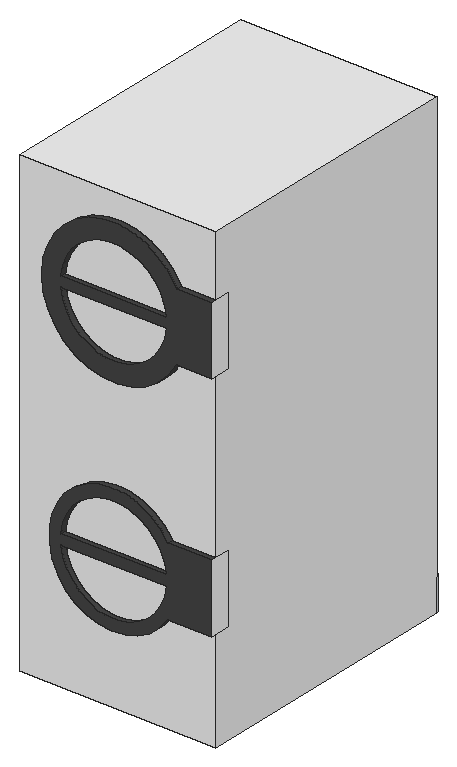
Revit family
Parameters (values of type "PRO-SERIES II STACK DRYING TUMBLERS")
  Warranty Duration (Years) = 0
  Voltage = 0 V
  URL = "http://www.continentalgirbau.com"
  Trim Material = Painted Metal - Black
  Three Phase = 0 VA
  Test Data = ""
  Specification = "http://www.arcat.com/sd/clients/cogirbau.html?coid=44467"
  SpecWizard = "http://www.arcat.com/specwizard/11110con/index.htm?mf=&coid=44467"
  Single Phase = 0 VA
  Shell Material = Stainless Steel
  Send Message = "http://admin.arcat.com/users.pl?action=UserEmail&company=Continental%20Girbau,%20Inc.&coid=44467&rep=132&fax=920-231-4666 &mf="
  Sales Information = ""
  Product Properties = "http://www.arcat.com/bim/bim_info.pl?fn=Commercial_Washer"
  Product Data = "http://www.arcat.com/arcatcos/cos44/arc44467.html"
  OpeningCL = DoorOpening / 2  # 0' - 11 87/256"
  Model = "Generic"
  Mech_Waste = 0' - 8"
  Mech_Gas_Inlet = 0' - 0 1/2"
  Manufacturer Website = "http://www.continentalgirbau.com"
  Manufacturer Phone - Toll Free = "800-256-1073 "
  Manufacturer Phone = "920-231-8222 "
  Manufacturer Fax = "920-231-4666 "
  Manufacturer Address = "2500 State Rd. 44; Oshkosh; WI 54904\r\n"
  Manufacturer = "Continental Girbau, Inc.\r\n"
  Maintenance Schedule (Months) = 0
  MachWidth = 2' - 10 1/2"
  MachHeight = 6' - 9 1/4"
  MachDepth = 4' - 0 5/8"
  LwrPanHt = MachHeight / 3  # 2' - 3.08333"
  Keynote = "11 23 00"
  Installation-Fabrication = ""
  Installation Phase = "Interior Fittings"
  InstWidth = 1' - 6"
  Green Building-LEED = "http://www.arcat.com/green/clients/leed_data_44467.html"
  GlassCL = OpeningCL - 0' 2"  # 0' - 9 87/256"
  Fr_FaceWdth = MachWidth / 6  # 0' - 5 3/4"
  Expected Lifespan (Years) = 0
  Drawn By = "Robert S. Weygant, CSI, CDT, SCIP"
  DoorOpening = 1' - 10 87/128"
  DoorHeight = 4' - 0"
  Description = "Commercial Washer"
  Cyl_Diam = CylRad * 2  # 2' - 9"
  Cyl_Depth = 2' - 2"
  CylRad = 1' - 4 1/2"
  Copyright = "2009, ARCAT, Inc."  # constant formula
  Construction Details = "http://www.arcat.com/details/cogirbau/cogirbau.html?coid=44467"
  Capacity_Weight = 30
  Capacity_Volume = (3.1416 * (CylRad ^ 2)) * Cyl_Depth  # 0.36441 m³
  Building Codes = ""
  BTU = ""
  Assembly Code = "E1010610"
Reference planes (in)
  plane 1 "Front": y = 0
  plane 2: z = 0
  plane 3 "Center (Left/Right)": x = 4.36029
  plane 4: x = -12.88971
  plane 5: x = 21.61029
  plane 6: y = 48.625
  plane 7: z = 81.25
  plane 8: z = 64.625
  plane 9: z = 48
  plane 10 "DoorFront": y = 2
  plane 11: y = 28
  plane 12: z = 24
Forms (in)
  Extrusion 1, solid, material "Stainless Steel" <- "Shell Material"
    sketch origin (0, 0, 0) x (1, 0, 0) y (0, 1, 0)
      loop
        line (-12.88971, 0) -> (21.61029, 0) -> (21.61029, 48.625) -> (-12.88971, 48.625) -> (-12.88971, 0)
    from 0 to 81.25
  Extrusion 2, solid, material "Painted Metal - Black" <- "Trim Material"
    sketch origin (0, 2, 18.44141) x (-1, 0, 0) y (0, 0, 1)
      loop
        arc (4.94445, 46.9926) -> (-4.36029, 55.52344) -> (-13.66503, 46.9926) r 9.33984
        line (-13.66503, 46.9926) -> (4.94445, 46.9926)
      loop
        line (-21.61029, 40.18359) -> (-15.48277, 40.18359)
        arc (-15.48277, 40.18359) -> (8.27733, 46.18359) -> (-15.48277, 52.18359) r 12.63762
        line (-15.48277, 52.18359) -> (-21.61029, 52.18359) -> (-21.61029, 40.18359)
      loop
        arc (-13.66503, 45.37459) -> (-4.36029, 36.84375) -> (4.94445, 45.37459) r 9.33984
        line (4.94445, 45.37459) -> (-13.66503, 45.37459)
    from 0.5 to -3
  Extrusion 3, void
    sketch origin (0, 2, 18.44141) x (-1, 0, 0) y (0, 0, 1)
      loop
        circle (-4.36029, 46.18359) r 16.5
    from 0.25 to 26
  Extrusion 4, void
    sketch origin (0, 2, 0) x (-1, 0, 0) y (0, 0, 1)
      loop
        circle (-4.36029, 64.625) r 11.33984
    from 0 to 0.5
  Extrusion 5, solid, material "Glass"
    sketch origin (0, 2, 23.72656) x (-1, 0, 0) y (0, 0, 1)
      loop
        circle (-4.36029, 40.89844) r 9.33984
    from 0 to 0.5
  Extrusion 6, solid, material "Painted Metal - Black" <- "Trim Material"
    sketch origin (0, 2, -17.55859) x (-1, 0, 0) y (0, 0, 1)
      loop
        arc (-13.66114, 40.70601) -> (-4.36029, 32.21875) -> (4.94056, 40.70601) r 9.33984
        line (4.94056, 40.70601) -> (-13.66114, 40.70601)
      loop
        line (-21.61029, 35.55859) -> (-13.98277, 35.55859)
        arc (-13.98277, 35.55859) -> (6.97955, 41.55859) -> (-13.98277, 47.55859) r 11.33984
        line (-13.98277, 47.55859) -> (-21.61029, 47.55859) -> (-21.61029, 35.55859)
      loop
        line (-13.66114, 42.41118) -> (4.94056, 42.41118)
        arc (4.94056, 42.41118) -> (-4.36029, 50.89844) -> (-13.66114, 42.41118) r 9.33984
    from 0.5 to -3
  Extrusion 7, void
    sketch origin (0, 2, -17.55859) x (-1, 0, 0) y (0, 0, 1)
      loop
        circle (-4.36029, 41.55859) r 16.5
    from 0.25 to 26
  Extrusion 8, solid, material "Glass"
    sketch origin (0, 2, -16.89844) x (-1, 0, 0) y (0, 0, 1)
      loop
        circle (-4.36029, 40.89844) r 9.33984
    from 0 to 0.5
  Extrusion 9, solid
    sketch origin (0, 0, 0) x (1, 0, 0) y (0, 0, 1)
      loop
        line (21.61029, 0) -> (21.61029, 6) -> (15.61029, 6) -> (15.61029, 0) -> (21.61029, 0)
    from -48.6875 to -48.625
  Extrusion 10, solid
    sketch origin (-12.75, 0, 12) x (1, 0, 0) y (0, 0, 1)
      loop
        line (20.11029, 0) -> (20.11029, 6) -> (14.11029, 6) -> (14.11029, 0) -> (20.11029, 0)
    from -48.6875 to -48.625
  Extrusion 11, solid
    sketch origin (-19.5, 0, 3) x (1, 0, 0) y (0, 0, 1)
      loop
        line (15.61029, 3) -> (15.61029, 6) -> (12.61029, 6) -> (12.61029, 3) -> (15.61029, 3)
    from -48.6875 to -48.625
Cuts and joins
  Extrusion 3, Extrusion 4, Extrusion 7 cuts Extrusion 1
  Extrusion 3, Extrusion 4 cuts Extrusion 2
  Extrusion 7 cuts Extrusion 5
  Extrusion 7 cuts Extrusion 8
Lines and regions (in)
  Split face 1
    outline origin (-12.88971, 0, 81.25) x (0, 0, -1) y (1, 0, 0)
      loop
        line (32.75812, 3.125) -> (28.25, 3.125) -> (28.25, 0.125) -> (38.75812, 0.125) -> (38.75812, 34.375) -> (28.25, 34.375) -> (28.25, 31.375) -> (32.75812, 31.375) -> (32.75812, 3.125)
  Split face 2
    outline origin (-12.88971, 0, 81.25) x (0, 0, -1) y (1, 0, 0)
      loop
        arc (15.81599, 26.55474) -> (7.28516, 17.25) -> (15.81599, 7.94526) r 9.33984
        line (15.81599, 7.94526) -> (15.81599, 26.55474)
  Split face 3
    outline origin (-12.88971, 0, 81.25) x (0, 0, -1) y (1, 0, 0)
      loop
        arc (17.43401, 7.94526) -> (25.96484, 17.25) -> (17.43401, 26.55474) r 9.33984
        line (17.43401, 26.55474) -> (17.43401, 7.94526)
  Split face 4
    outline origin (-12.88971, 0, 81.25) x (0, 0, -1) y (1, 0, 0)
      loop
        arc (56.39741, 26.55085) -> (47.91016, 17.25) -> (56.39741, 7.94915) r 9.33984
        line (56.39741, 7.94915) -> (56.39741, 26.55085)
  Split face 5
    outline origin (-12.88971, 0, 81.25) x (0, 0, -1) y (1, 0, 0)
      loop
        arc (58.10259, 7.94915) -> (66.58984, 17.25) -> (58.10259, 26.55085) r 9.33984
        line (58.10259, 26.55085) -> (58.10259, 7.94915)
  Split face 6
    outline origin (-12.88971, 0, 81.25) x (0, 0, -1) y (1, 0, 0)
      loop
        line (75.25, 34.5) -> (75.25, 0)
  symbolic lines
    curve 1: line (12.01933, 2, 0) -> (10.01933, 2, 0)
    curve 2: line (12.01933, -20.67969, 0) -> (12.01933, 2, 0)
    curve 3: line (10.01933, -20.67969, 0) -> (12.01933, -20.67969, 0)
    curve 4: line (10.01933, 2, 0) -> (10.01933, -20.67969, 0)
    curve 5: arc (12.01933, -20.67969, 0) -> (-3.39322, -14.63795, 0) -> (-10.59415, 0.26829, 0) r 22.67969
Dimensions and locks (in)
  "MachWidth": plane 4 to plane 5
  "MachDepth": plane 1 "Front" to plane 6
  equal spacing: plane 4, plane 3 "Center (Left/Right)", plane 5
  "MachHeight": plane 7 to plane 2
  "DoorHeight": plane 9 to plane 2
  "Cyl_Depth": plane 11 to plane 10 "DoorFront"
  "DoorOpening": curve 3 to curve 1
  equal spacing: plane 9, plane 12, plane 2
  locked: Extrusion 9 sketch curve to Extrusion 9 sketch curve at 6
  locked: Extrusion 9 to cut or joined group of Extrusion 1, Extrusion 3, Extrusion 4, Extrusion 7 at 0.0625
  locked: Extrusion 10 sketch curve to Extrusion 10 sketch curve at 6  (x2)
  equal spacing: Extrusion 10 sketch curve, plane 3 "Center (Left/Right)", Extrusion 10 sketch curve
  locked: cut or joined group of Extrusion 1, Extrusion 3, Extrusion 4, Extrusion 7 to Extrusion 10 at 12
  Extrusion 11 sketch curve to Extrusion 11 sketch curve = 0' - 3"  (x2)
  locked: cut or joined group of Extrusion 1, Extrusion 3, Extrusion 4, Extrusion 7 to Extrusion 11 at 6  (x2)
  locked: Split face 1 sketch curve to plane 4 at 0.125
  locked: Split face 1 sketch curve to plane 5 at 0.125
  Split face 1 to Split face 1 = 0' - 6"
  locked: Extrusion 2 sketch curve to Extrusion 2 sketch curve at 12
  equal spacing: Extrusion 2 sketch curve, plane 8, Extrusion 2 sketch curve
  equal spacing: plane 7, plane 8, plane 9
  "GlassCL": radius of Extrusion 2 sketch curve
  "CylRad": radius of Extrusion 3 sketch curve
  "OpeningCL": radius of Extrusion 4 sketch curve
  "GlassCL": radius of Extrusion 5 sketch curve
  "GlassCL": radius of Extrusion 6 sketch curve
  "CylRad": radius of Extrusion 7 sketch curve
  "GlassCL": radius of Extrusion 8 sketch curve
  aligned and locked: plane 4 to Extrusion 1
  aligned and locked: plane 5 to Extrusion 1
  aligned and locked: plane 1 "Front" to Extrusion 1
  aligned and locked: plane 6 to Extrusion 1
  aligned and locked: plane 7 to Extrusion 1
  aligned and locked: plane 11 to cut or joined group of Extrusion 1, Extrusion 3, Extrusion 4, Extrusion 7
  aligned and locked: plane 8 to Extrusion 5
  aligned and locked: plane 8 to cut or joined group of Extrusion 1, Extrusion 3, Extrusion 4, Extrusion 7
  aligned and locked: plane 12 to Extrusion 8
  aligned and locked: Extrusion 3 to Extrusion 7
  aligned and locked: Extrusion 9 sketch curve to cut or joined group of Extrusion 1, Extrusion 3, Extrusion 4, Extrusion 7  (x2)
  aligned and locked: Extrusion 9 to plane 6
  aligned and locked: Extrusion 10 to cut or joined group of Extrusion 1, Extrusion 3, Extrusion 4, Extrusion 7
  aligned and locked: Extrusion 10 to Extrusion 9
  aligned and locked: Extrusion 11 to plane 6
  aligned and locked: Extrusion 11 to Extrusion 9
  aligned and locked: plane 1 "Front" to Extrusion 1 sketch curve
  aligned and locked: Split face 2 sketch curve to cut or joined group of Extrusion 2, Extrusion 3, Extrusion 4  (x2)
  aligned and locked: Split face 3 sketch curve to cut or joined group of Extrusion 2, Extrusion 3, Extrusion 4  (x2)
  aligned and locked: Split face 4 sketch curve to Extrusion 6  (x2)
  aligned and locked: Split face 5 sketch curve to Extrusion 6  (x2)
Automatic sketch dimensions
  curve 4 to plane 10 "DoorFront" = 0' - 0"
  curve 5 to plane 10 "DoorFront" = 0' - 0"
  curve 5 to plane 1 "Front" = 0' - 0.26829"
  plane 4 to curve 5 = 0' - 2.29556"
  curve 4 to curve 5 = 0' - 2"
  Extrusion 1 sketch curve to plane 4 = 0' - 0"
  Extrusion 1 sketch curve to plane 5 = 0' - 0"
  Extrusion 1 sketch curve to plane 6 = 0' - 0"
  Extrusion 3 sketch curve to plane 3 "Center (Left/Right)" = 0' - 0"
  Extrusion 3 sketch curve to plane 8 = 0' - 0"
  Extrusion 4 sketch curve to plane 3 "Center (Left/Right)" = 0' - 0"
  Extrusion 4 sketch curve to plane 8 = 0' - 0"
  Extrusion 5 sketch curve to plane 3 "Center (Left/Right)" = 0' - 0"
  Extrusion 5 sketch curve to plane 8 = 0' - 0"
  Extrusion 7 sketch curve to plane 3 "Center (Left/Right)" = 0' - 0"
  Extrusion 7 sketch curve to plane 12 = 0' - 0"
  Extrusion 8 sketch curve to plane 3 "Center (Left/Right)" = 0' - 0"
  Extrusion 8 sketch curve to plane 12 = 0' - 0"
  plane 5 to Extrusion 9 sketch curve = 0' - 6"
  level to Extrusion 10 sketch curve = 1' - 0"
  plane 4 to Extrusion 11 sketch curve = 0' - 6"
  level to Extrusion 11 sketch curve = 0' - 6"
  Split face 1 sketch curve to cut or joined group of Extrusion 1, Extrusion 3, Extrusion 4, Extrusion 7 = 2' - 4 1/4"
  Split face 1 sketch curve to cut or joined group of Extrusion 1, Extrusion 3, Extrusion 4, Extrusion 7 = 0' - 3 1/8"
  Split face 1 sketch curve to Split face 1 sketch curve = 0' - 0"
  Split face 1 sketch curve to Split face 1 sketch curve = 0' - 4.50812"
  Split face 1 sketch curve to Split face 1 sketch curve = 0' - 6"
  Split face 1 sketch curve to Split face 1 sketch curve = 0' - 3"
  Extrusion 2 sketch curve to Extrusion 2 sketch curve = 0' - 0"  (x6)
  Extrusion 2 sketch curve to plane 5 = 0' - 0"
  Extrusion 2 sketch curve to plane 3 "Center (Left/Right)" = 0' - 0"
  Extrusion 2 sketch curve to plane 8 = 0' - 0"
  plane 5 to Extrusion 2 sketch curve = 0' - 6.12752"
  Extrusion 2 sketch curve to plane 8 = 0' - 0.80901"
  plane 8 to Extrusion 2 sketch curve = 0' - 0.80901"
  Extrusion 6 sketch curve to plane 5 = 0' - 0"
  Extrusion 6 sketch curve to plane 3 "Center (Left/Right)" = 0' - 0"
  Extrusion 6 sketch curve to plane 12 = 0' - 6"
  Extrusion 6 sketch curve to plane 12 = 0' - 0"
  plane 12 to Extrusion 6 sketch curve = 0' - 6"  (x2)
  plane 12 to Extrusion 6 sketch curve = 0' - 0.85259"
  Extrusion 6 sketch curve to plane 12 = 0' - 0.85259"
  Extrusion 6 sketch curve to Extrusion 6 sketch curve = 0' - 0"  (x5)
  Extrusion 6 sketch curve to Extrusion 6 sketch curve = 0' - 0.32163"  (x2)
  Split face 6 sketch curve to cut or joined group of Extrusion 1, Extrusion 3, Extrusion 4, Extrusion 7 = 0' - 0"  (x2)
  Split face 6 sketch curve to cut or joined group of Extrusion 1, Extrusion 3, Extrusion 4, Extrusion 7 = 0' - 6"
Connectors (in)
  electrical at (18.61029, 48.6875, 3)
    settings: on Extrusion 9, index 1
  hvac at (4.36029, 48.6875, 15), driven by "Mech_Waste"
    settings: on Extrusion 10, index 2
  piping at (-5.38971, 48.6875, 7.5), driven by "Mech_Gas_Inlet"
    settings: on Extrusion 11, index 3
